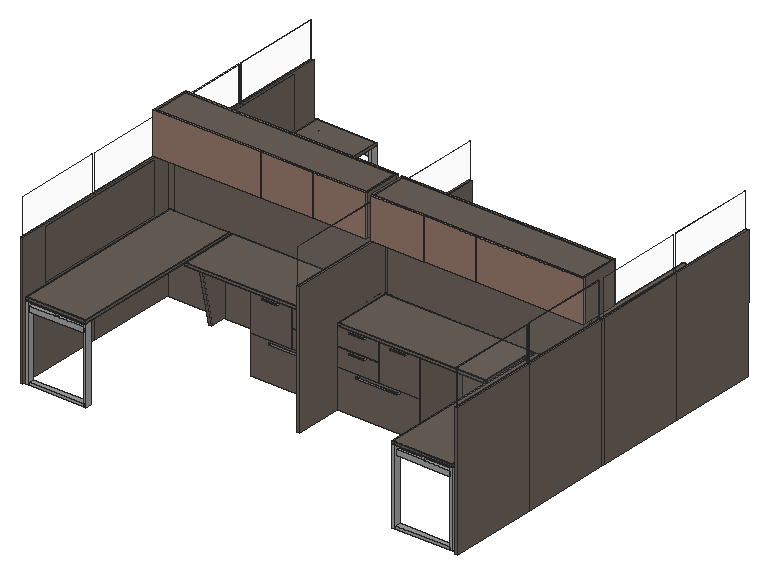
Revit family "OFS TYPICAL S200152", category Furniture, Revit 2022 (continued)
Definition of nested family "STAKS BENCHING CANTILEVER WORKSURFACE BRACKET - OPEN"
  Forms (in)
    Extrusion 3, void
      sketch origin (0, -11.12465, 0) x (1, 0, 0) y (0, 0, 1)
        loop
          circle (-16.99183, 23.37543) r 0.09375
        loop
          circle (-16.99183, 25.56923) r 0.09375
        loop
          circle (-16.99183, 21.18077) r 0.09375
        loop
          line (-16.10192, 24.58008) -> (-16.10192, 24.41381)
          arc (-16.10192, 24.41381) -> (-16.00817, 24.32006) -> (-15.91442, 24.41381) r 0.09375
          line (-15.91442, 24.41381) -> (-15.91442, 24.58008)
          arc (-15.91442, 24.58008) -> (-16.00817, 24.67383) -> (-16.10192, 24.58008) r 0.09375
        loop
          arc (-16.10192, 22.16992) -> (-16.00817, 22.07617) -> (-15.91442, 22.16992) r 0.09375
          line (-15.91442, 22.16992) -> (-15.91442, 22.33619)
          arc (-15.91442, 22.33619) -> (-16.00817, 22.42994) -> (-16.10192, 22.33619) r 0.09375
          line (-16.10192, 22.33619) -> (-16.10192, 22.16992)
      from -14 to -3.47735
    Extrusion 4, void
      sketch origin (0, 0, 0) x (1, 0, 0) y (0, 1, 0)
        loop
          circle (-16.93617, 0.25038) r 0.09375
        loop
          circle (-16.06383, -1.74962) r 0.09375
        loop
          circle (-16.93617, -3.74962) r 0.09375
        loop
          circle (-16.06383, -5.74962) r 0.09375
        loop
          circle (-16.93617, -7.74962) r 0.09375
        loop
          circle (-16.06383, -9.74962) r 0.09375
        loop
          circle (-16.93617, -11.74962) r 0.09375
        loop
          circle (-16.06383, -13.74962) r 0.09375
        loop
          circle (-16.93617, -15.74962) r 0.09375
        loop
          circle (-16.06383, -17.74962) r 0.09375
        loop
          circle (-16.93617, -19.74962) r 0.09375
        loop
          circle (-16.06383, -21.74962) r 0.09375
        loop
          circle (-16.93617, -23.74962) r 0.09375
        loop
          circle (-16.06383, -25.74962) r 0.09375
        loop
          circle (-16.93617, -27.74962) r 0.09375
        loop
          circle (-16.06383, -29.74962) r 0.09375
      from 25.0365 to 29.23009
    Extrusion 5, void, not visible
      sketch origin (0, 0, 0) x (1, 0, 0) y (0, 1, 0)
        loop
          circle (-16.93617, 0.25038) r 0.09375
        loop
          circle (-16.06383, -1.74962) r 0.09375
        loop
          circle (-16.93617, -3.74962) r 0.09375
        loop
          circle (-16.06383, -5.74962) r 0.09375
        loop
          circle (-16.93617, -7.74962) r 0.09375
        loop
          circle (-16.06383, -9.74962) r 0.09375
        loop
          circle (-16.93617, -11.74962) r 0.09375
        loop
          circle (-16.06383, -13.74962) r 0.09375
        loop
          circle (-16.93617, -15.74962) r 0.09375
        loop
          circle (-16.06383, -17.74962) r 0.09375
        loop
          circle (-16.93617, -19.74962) r 0.09375
        loop
          circle (-16.06383, -21.74962) r 0.09375
        loop
          circle (-16.93617, -23.74962) r 0.09375
        loop
          circle (-16.06383, -25.74962) r 0.09375
        loop
          circle (-16.93617, -27.74962) r 0.09375
        loop
          circle (-16.06383, -29.74962) r 0.09375
      from 25.0365 to 29.23009
  Cuts and joins
    Extrusion 3, Extrusion 4 cuts Extrusion 1
  Dimensions and locks (in)
    "Height From Floor": plane 4 "BASE TOP" to plane 1
    "Height": plane 4 "BASE TOP" to plane 6
    equal spacing: plane 3 "LEFT", plane 8 "CENTER", plane 5 "RIGHT"
    equal spacing: plane 9, plane 2 "Center (Front/Back)", plane 7
    "Width": plane 3 "LEFT" to plane 5 "RIGHT"
    "Depth": plane 9 to plane 7
    locked: plane 4 "BASE TOP" to plane 10 at 2
    locked: plane 7 to plane 11 at 2
    locked: plane 13 to plane 9 at 0.5
    locked: plane 6 to plane 12 at 0.5
    plane 14 to plane 8 "CENTER" to plane 15 = 0' - 0 1/8" locked, 0' - 0 1/8" locked
    "Alpha": plane 16 to plane 13
    aligned and locked: level to plane 1
    aligned and locked: Extrusion 1 sketch curve to plane 4 "BASE TOP"
    aligned and locked: plane 7 to Extrusion 1 sketch curve
    aligned and locked: plane 9 to Extrusion 1 sketch curve
    aligned and locked: plane 6 to Extrusion 1 sketch curve
    aligned and locked: Extrusion 1 to plane 3 "LEFT"
    aligned and locked: plane 5 "RIGHT" to Extrusion 1
    aligned and locked: Extrusion 2 sketch curve to Extrusion 1
    aligned and locked: plane 15 to Extrusion 2
    aligned and locked: plane 14 to Extrusion 2
    aligned and locked: Extrusion 1 to Extrusion 2 sketch curve
    aligned and locked: Extrusion 3 to plane 7
  Automatic sketch dimensions
    plane 7 to Extrusion 1 sketch curve = 0' - 0 7/128"
    Extrusion 1 sketch curve to plane 11 = 0' - 0"
    plane 10 to Extrusion 1 sketch curve = 0' - 0"
    plane 11 to Extrusion 1 sketch curve = 0' - 0.02265"
    plane 10 to Extrusion 1 sketch curve = 0' - 0.02265"
    plane 4 "BASE TOP" to Extrusion 1 sketch curve = 0' - 0 7/128"
    Extrusion 2 sketch curve to plane 13 = 0' - 0"
    plane 12 to Extrusion 2 sketch curve = 0' - 0"
    Extrusion 2 sketch curve to plane 16 = 0' - 0"
    Extrusion 2 sketch curve to Extrusion 2 sketch curve = 0' - 0.29376"
    plane 14 to Extrusion 3 sketch curve = 0' - 0.27308"
    Extrusion 3 sketch curve to plane 5 "RIGHT" = 0' - 0.16442"  (x2)
    Extrusion 3 sketch curve to plane 12 = 0' - 0.79492"
    Extrusion 3 sketch curve to Extrusion 3 sketch curve = 0' - 0 3/16"
    plane 3 "LEFT" to Extrusion 3 sketch curve = 0' - 0.25817"  (x3)
    Extrusion 3 sketch curve to Extrusion 3 sketch curve = 0' - 0.16626"  (x2)
    plane 10 to Extrusion 3 sketch curve = 0' - 1.46119"
    plane 12 to Extrusion 3 sketch curve = 0' - 0.19423"
    Extrusion 3 sketch curve to Extrusion 3 sketch curve = 0' - 1.03838"
    plane 10 to Extrusion 3 sketch curve = 0' - 0.30577"
    Extrusion 4 sketch curve to Extrusion 4 sketch curve = 0' - 2"  (x15)
    Extrusion 4 sketch curve to Extrusion 4 sketch curve = 0' - 0"  (x7)
    Extrusion 4 sketch curve to Extrusion 4 sketch curve = 0' - 0.87233"  (x8)
    Extrusion 5 sketch curve to Extrusion 5 sketch curve = 0' - 2"  (x15)
    Extrusion 5 sketch curve to Extrusion 5 sketch curve = 0' - 0"  (x7)
    Extrusion 5 sketch curve to Extrusion 5 sketch curve = 0' - 0.87233"  (x8)
    radius of Extrusion 3 sketch curve = 0' - 0 3/32"  (x3)
    radius of Extrusion 4 sketch curve = 0' - 0 3/32"  (x16)
    radius of Extrusion 5 sketch curve = 0' - 0 3/32"  (x16)
Definition of nested family "STAKS BENCHING PRESS FIT BRACKET"
  Parameters (values of type "STAKS BENCHING PRESS FIT BRACKET")
    Width = 0' - 7 1/8"
    URL = "http://www.ofs.com/"
    Model = "PFBKT-1"
    Manufacturer = "OFS"
    Height From Floor = 2' - 3 7/8"
    Height = 0' - 3"
    Gap = 0' - 1"
    Description = "OFS STAKS BENCHING PRESS FIT BRACKET, Supports Shared Organizers, Shared Shelves or Transaction Tops on Spine or Divider Wall Panels Without Defacing the Panel Faces"
    Depth = 0' - 2"
    Default Elevation = 0' - 0"
    Copyright © = "© 2018 OFS"
    Catalog = "https://ofs.com/products/open-plan/benching/staks"
    Bracket Material = none
    Authoring Version = "Autodesk Revit Architecture 2013"
    Assembly Code = "E2020200"
  Reference planes (in)
    plane 1: z = 0
    plane 2 "Center (Front/Back)": y = 1.87535
    plane 3 "LEFT": x = -20.0625
    plane 4 "BASE TOP": z = 27.875
    plane 5 "RIGHT": x = -12.9375
    plane 6: z = 24.875
    plane 7: y = 2.87535
    plane 8 "CENTER": x = -16.5
    plane 9: y = 0.87535
    plane 10: y = 1.25035
    plane 11: x = -16
    plane 12: x = -17
  Forms (in)
    Extrusion 1, solid, material <- "Bracket Material"
      sketch origin (0, 1.87535, 0) x (1, 0, 0) y (0, 0, 1)
        loop
          line (-17, 24.875) -> (-17, 27.375) -> (-16.82031, 27.375)
          arc (-16.82031, 27.375) -> (-16.59934, 27.46653) -> (-16.50781, 27.6875) r 0.3125
          line (-16.50781, 27.6875) -> (-16.50781, 27.875) -> (-20.0625, 27.875) -> (-20.0625, 27.375) -> (-17.75, 27.375)
          arc (-17.75, 27.375) -> (-17.39645, 27.22855) -> (-17.25, 26.875) r 0.5
          line (-17.25, 26.875) -> (-17.25, 24.875) -> (-17, 24.875)
        loop
          line (-12.9375, 27.875) -> (-16.49219, 27.875) -> (-16.49219, 27.6875)
          arc (-16.49219, 27.6875) -> (-16.40066, 27.46653) -> (-16.17969, 27.375) r 0.3125
          line (-16.17969, 27.375) -> (-16, 27.375) -> (-16, 24.875) -> (-15.75, 24.875) -> (-15.75, 26.875)
          arc (-15.75, 26.875) -> (-15.60355, 27.22855) -> (-15.25, 27.375) r 0.5
          line (-15.25, 27.375) -> (-12.9375, 27.375) -> (-12.9375, 27.875)
      from -1 to 1
    Extrusion 2, void
      sketch origin (0, 0, 0) x (1, 0, 0) y (0, 1, 0)
        loop
          line (-17, 0.87535) -> (-16, 0.87535) -> (-16, 1.37535) -> (-17, 1.37535) -> (-17, 0.87535)
        loop
          line (-17, 2.87535) -> (-17, 2.37535) -> (-16, 2.37535) -> (-16, 2.87535) -> (-17, 2.87535)
        loop
          circle (-19.48811, 1.37535) r 0.09375
        loop
          circle (-17.85526, 1.37535) r 0.09375
        loop
          circle (-13.51189, 1.37535) r 0.09375
        loop
          circle (-15.14474, 1.37535) r 0.09375
        loop
          circle (-19.48811, 2.37535) r 0.09375
        loop
          circle (-17.85526, 2.37535) r 0.09375
        loop
          circle (-13.51189, 2.37535) r 0.09375
        loop
          circle (-15.14474, 2.37535) r 0.09375
      from 24.875 to 27.875
    Extrusion 3, solid, material <- "Bracket Material"
      sketch origin (-16.5, 0, 0) x (0, 1, 0) y (0, 0, 1)
        loop
          circle (2.60972, 27.625) r 0.1875
        loop
          line (2.60972, 27.72544) -> (2.52274, 27.67522) -> (2.52274, 27.57478) -> (2.60972, 27.52456) -> (2.69671, 27.57478) -> (2.69671, 27.67522) -> (2.60972, 27.72544)
        loop
          circle (1.14097, 27.625) r 0.1875
        loop
          line (1.14097, 27.72544) -> (1.05399, 27.67522) -> (1.05399, 27.57478) -> (1.14097, 27.52456) -> (1.22796, 27.57478) -> (1.22796, 27.67522) -> (1.14097, 27.72544)
      from 3.5625 to 3.68034
    Extrusion 4, solid, material <- "Bracket Material"
      sketch origin (-16.5, 0, 0) x (0, 1, 0) y (0, 0, -1)
        loop
          circle (2.60972, -27.625) r 0.1875
        loop
          line (2.60972, -27.72544) -> (2.69671, -27.67522) -> (2.69671, -27.57478) -> (2.60972, -27.52456) -> (2.52274, -27.57478) -> (2.52274, -27.67522) -> (2.60972, -27.72544)
        loop
          circle (1.14097, -27.625) r 0.1875
        loop
          line (1.14097, -27.72544) -> (1.22796, -27.67522) -> (1.22796, -27.57478) -> (1.14097, -27.52456) -> (1.05399, -27.57478) -> (1.05399, -27.67522) -> (1.14097, -27.72544)
      from 3.5625 to 3.68034
    Extrusion 5, solid, material <- "Bracket Material"
      sketch origin (-16.5, 3.61007, 0) x (0, -1, 0) y (0, 0, -1)
        loop
          circle (2.4691, -27.625) r 0.09375
      from -0.5 to 0.5
    Extrusion 6, solid, material <- "Bracket Material"
      sketch origin (-16.5, 0.14063, 0) x (0, 1, 0) y (0, 0, 1)
        loop
          circle (2.4691, 27.625) r 0.09375
      from -0.5 to 0.5
    Extrusion 7, solid
      sketch origin (-16.5, 0, 0) x (0, 1, 0) y (0, 0, 1)
        loop
          line (2.37535, 26.875) -> (1.37535, 26.875) -> (1.37535, 25.375) -> (2.37535, 25.375) -> (2.37535, 26.875)
      from 0.40321 to 0.5
    Extrusion 8, solid
      sketch origin (-16.5, 0, 0) x (0, 1, 0) y (0, 0, -1)
        loop
          line (2.37535, -26.875) -> (2.37535, -25.375) -> (1.37535, -25.375) -> (1.37535, -26.875) -> (2.37535, -26.875)
      from 0.40321 to 0.5
  Cuts and joins
    Extrusion 2 cuts Extrusion 1
  Dimensions and locks (in)
    "Height From Floor": plane 4 "BASE TOP" to plane 1
    "Height": plane 4 "BASE TOP" to plane 6
    equal spacing: plane 3 "LEFT", plane 8 "CENTER", plane 5 "RIGHT"
    equal spacing: plane 9, plane 2 "Center (Front/Back)", plane 7
    "Width": plane 3 "LEFT" to plane 5 "RIGHT"
    "Depth": plane 9 to plane 7
    equal spacing: plane 11, plane 8 "CENTER", plane 12
    "Gap": plane 12 to plane 11
    aligned and locked: level to plane 1
    aligned and locked: plane 9 to Extrusion 1
    aligned and locked: Extrusion 1 to plane 7
    aligned and locked: Extrusion 2 to plane 4 "BASE TOP"
    aligned and locked: plane 6 to Extrusion 2
    aligned and locked: plane 11 to Extrusion 5
    aligned and locked: plane 12 to Extrusion 5
    aligned and locked: plane 11 to Extrusion 7
  Automatic sketch dimensions
    Extrusion 1 sketch curve to plane 3 "LEFT" = 0' - 0"
    Extrusion 1 sketch curve to plane 6 = 0' - 0"  (x2)
    plane 12 to Extrusion 1 sketch curve = 0' - 0"
    Extrusion 1 sketch curve to plane 4 "BASE TOP" = 0' - 0"  (x2)
    Extrusion 1 sketch curve to plane 11 = 0' - 0"
    Extrusion 1 sketch curve to plane 5 "RIGHT" = 0' - 0"
    plane 12 to Extrusion 1 sketch curve = 0' - 0 1/4"
    plane 4 "BASE TOP" to Extrusion 1 sketch curve = 0' - 1"
    plane 4 "BASE TOP" to Extrusion 1 sketch curve = 0' - 0 1/2"  (x3)
    Extrusion 1 sketch curve to plane 12 = 0' - 0 23/128"
    Extrusion 1 sketch curve to plane 8 "CENTER" = 0' - 0 1/128"
    plane 8 "CENTER" to Extrusion 1 sketch curve = 0' - 0 1/128"
    Extrusion 1 sketch curve to Extrusion 1 sketch curve = 0' - 0 23/128"
    plane 11 to Extrusion 1 sketch curve = 0' - 0 1/4"
    Extrusion 1 sketch curve to Extrusion 1 sketch curve = 0' - 0 1/2"
    Extrusion 1 sketch curve to Extrusion 1 sketch curve = 0' - 0 5/16"
    plane 9 to Extrusion 2 sketch curve = 0' - 0"
    Extrusion 2 sketch curve to plane 12 = 0' - 0"  (x2)
    plane 7 to Extrusion 2 sketch curve = 0' - 0"
    Extrusion 2 sketch curve to plane 11 = 0' - 0"  (x2)
    Extrusion 2 sketch curve to plane 10 = 0' - 0 1/8"  (x5)
    plane 3 "LEFT" to Extrusion 2 sketch curve = 0' - 0.57439"  (x2)
    Extrusion 2 sketch curve to Extrusion 2 sketch curve = 0' - 0.85526"  (x4)
    Extrusion 2 sketch curve to plane 5 "RIGHT" = 0' - 0.57439"  (x2)
    Extrusion 2 sketch curve to plane 2 "Center (Front/Back)" = 0' - 0 1/2"  (x5)
    Extrusion 3 sketch curve to plane 9 = 0' - 0.17864"
    plane 4 "BASE TOP" to Extrusion 3 sketch curve = 0' - 0.35044"  (x2)
    Extrusion 3 sketch curve to Extrusion 3 sketch curve = 0' - 0.08698"  (x6)
    plane 10 to Extrusion 3 sketch curve = 0' - 0.02239"
    plane 7 to Extrusion 3 sketch curve = 0' - 0.35261"
    Extrusion 3 sketch curve to Extrusion 3 sketch curve = 0' - 0"
    Extrusion 3 sketch curve to Extrusion 3 sketch curve = 0' - 0.05022"  (x7)
    Extrusion 3 sketch curve to Extrusion 3 sketch curve = 0' - 0.10044"  (x5)
    Extrusion 4 sketch curve to plane 9 = 0' - 0.17864"
    plane 4 "BASE TOP" to Extrusion 4 sketch curve = 0' - 0.14956"  (x2)
    Extrusion 4 sketch curve to Extrusion 4 sketch curve = 0' - 0.08698"  (x7)
    plane 10 to Extrusion 4 sketch curve = 0' - 0.02239"
    plane 7 to Extrusion 4 sketch curve = 0' - 0.35261"
    Extrusion 4 sketch curve to Extrusion 4 sketch curve = 0' - 0.05022"  (x8)
    Extrusion 4 sketch curve to Extrusion 4 sketch curve = 0' - 0.10044"  (x4)
    Extrusion 5 sketch curve to plane 10 = 0' - 0 7/64"
    Extrusion 5 sketch curve to plane 4 "BASE TOP" = 0' - 0 1/4"
    plane 7 to Extrusion 6 sketch curve = 0' - 0 17/64"
    plane 4 "BASE TOP" to Extrusion 6 sketch curve = 0' - 0 1/4"
    Extrusion 7 sketch curve to plane 10 = 0' - 0 1/8"
    Extrusion 7 sketch curve to plane 6 = 0' - 0 1/2"
    Extrusion 7 sketch curve to plane 2 "Center (Front/Back)" = 0' - 0 1/2"
    plane 4 "BASE TOP" to Extrusion 7 sketch curve = 0' - 1"
    Extrusion 8 sketch curve to plane 10 = 0' - 0 1/8"
    plane 4 "BASE TOP" to Extrusion 8 sketch curve = 0' - 1"
    Extrusion 8 sketch curve to plane 2 "Center (Front/Back)" = 0' - 0 1/2"
    Extrusion 8 sketch curve to plane 6 = 0' - 0 1/2"
    radius of Extrusion 2 sketch curve = 0' - 0 3/32"  (x8)
    radius of Extrusion 3 sketch curve = 0' - 0 3/16"  (x2)
    radius of Extrusion 4 sketch curve = 0' - 0 3/16"  (x2)
    radius of Extrusion 5 sketch curve = 0' - 0 3/32"
    radius of Extrusion 6 sketch curve = 0' - 0 3/32"
